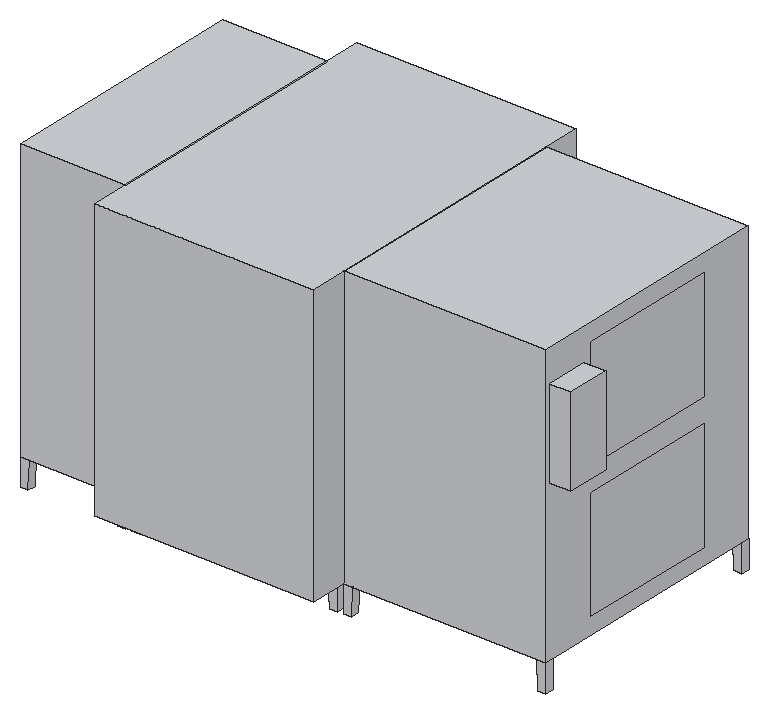
Revit family "AHU 2 _2", category Mechanické zařízení, Revit 2018
Family settings
  Kóta kulaté spojky = Použít průměr
  Typ dílu = Normální
  Číslo OmniClass = 23.75.00.00
  Nadpis OmniClass = Climate Control (HVAC)
  Založené na pracovní rovině = Ne
  Vždy vertikální = Ano
  Ořezat dutým tvarem při načtení = Ne
  Sdílené = Ne
  Bod výpočtu místnosti = Ne
Parameters (values of type "DUPLEXVENT 11000 Multi")
  Width [instance] = 2.1 mm
  Weight [instance] = 1283.00 kg
  URL = ""
  Type [instance] = "DUPLEXVENT 11000 Multi"
  Total_SFP [instance] = 0
  Supply_outlet_hum [instance] = 90
  Supply_inlet_hum [instance] = 90
  Supply_ext_pressure [instance] = 0.0 Pa
  Supply_SFP [instance] = 0
  Source_adu_file [instance] = ""
  Recuperation_type [instance] = "Plate heat recovery exchanger"
  Recuperation_efficiency_EN308 [instance] = 0
  Project_name [instance] = ""
  Project_date [instance] = "9.8.2023"
  Power_supply_fusing [instance] = "0"
  Power_supply_cable [instance] = "0"
  Position [instance] = "AHU 2 "
  Phases_count [instance] = 3
  Panel_thickness [instance] = 0.06 mm
  Outer_surface [instance] = "RAL 9002"
  Length [instance] = 3.37 mm
  Insulation_type [instance] = "PUR"
  Insulation_thickness [instance] = 0.05 mm
  Installation_environment [instance] = ""
  Input_power_max [instance] = 10800 W
  Inner_surface [instance] = "Pozink"
  I2 [instance] = I1  # 0.0 L/s
  Height [instance] = 1.795 mm
  Exhaust_outlet_hum [instance] = 40
  Exhaust_inlet_hum [instance] = 40
  Exhaust_ext_pressure [instance] = 0.0 Pa
  Exhaust_SFP [instance] = 0
  E1 [instance] = E2 - M1  # 0.0 L/s
  E2 [instance] = 0.0 L/s
  I1 [instance] = 0.0 L/s
  Description = ""
  M1 [instance] = 0.0 L/s
  Device_dutypoint_version [instance] = "0"
  Device_design_version [instance] = "9"
  Device_adu_id [instance] = "2"
  Current_max [instance] = 17.2 A
  Casing_mat [instance] = "painted zinc layer"
  Cable type [instance] = "CYKY 5Jx4"
Reference planes
  plane 1 "Střed (vpředu/vzadu)": y = 0
  plane 2 "ref": z = 0
  plane 3 "Střed (vlevo/vpravo)": x = 0
Forms (mm)
  Sweep 1, solid
    path origin (0, 0, 0) x (0, 0, 1) y (1, 0, 0)
      loop
        line (0, 0) -> (1795, 0)
    profile origin (0, 0, 0) x (1, 0, 0) y (0, 1, 0)
      loop
        line (0, 0) -> (671, 0) -> (671, 1620) -> (0, 1620) -> (0, 0)
  Sweep 2, solid
    path origin (0, 0, 0) x (0, 0, 1) y (1, 0, 0)
      loop
        line (0, 0) -> (1795, 0)
    profile origin (0, 0, 0) x (1, 0, 0) y (0, 1, 0)
      loop
        line (671, -240) -> (2074, -240) -> (2074, 1860) -> (671, 1860) -> (671, -240)
  Sweep 3, solid
    path origin (0, 0, 0) x (0, 0, 1) y (1, 0, 0)
      loop
        line (0, 0) -> (1795, 0)
    profile origin (0, 0, 0) x (1, 0, 0) y (0, 1, 0)
      loop
        line (2074, 0) -> (3367, 0) -> (3367, 1620) -> (2074, 1620) -> (2074, 0)
  Sweep 4, solid
    path origin (1, 810, 465) x (0, 1, 0) y (-1, 0, 0)
      loop
        line (0, 0) -> (0, 1)
    profile origin (1, 810, 465) x (0, -1, 0) y (0, 0, 1)
      loop
        line (-450, -355) -> (450, -355) -> (450, 355) -> (-450, 355) -> (-450, -355)
  Sweep 5, solid
    path origin (3369, 810, 1330) x (1, 0, 0) y (0, 1, 0)
      loop
        line (0, 0) -> (1, 0)
    profile origin (3369, 810, 1330) x (0, 1, 0) y (0, 0, 1)
      loop
        line (-450, 355) -> (-450, -355) -> (450, -355) -> (450, 355) -> (-450, 355)
  Sweep 6, solid
    path origin (3369, 810, 465) x (1, 0, 0) y (0, 1, 0)
      loop
        line (0, 0) -> (1, 0)
    profile origin (3369, 810, 465) x (0, 1, 0) y (0, 0, 1)
      loop
        line (-450, 355) -> (-450, -355) -> (450, -355) -> (450, 355) -> (-450, 355)
  Sweep 7, solid
    path origin (1, 810, 1330) x (0, 1, 0) y (-1, 0, 0)
      loop
        line (0, 0) -> (0, 1)
    profile origin (1, 810, 1330) x (0, -1, 0) y (0, 0, 1)
      loop
        line (-450, -355) -> (450, -355) -> (450, 355) -> (-450, 355) -> (-450, -355)
  Sweep 8, solid
    path origin (2613, 360, 0) x (0, -1, 0) y (0, 0, 1)
      loop
        line (0, 0) -> (0, -142)
    profile origin (2613, 360, 0) x (-1, 0, 0) y (0, -1, 0)
      loop
        circle (0, 0) r 8
  Sweep 9, solid
    path origin (2621, 360, -150) x (0, 0, -1) y (1, 0, 0)
      loop
        line (0, 0) -> (0, 14)
    profile origin (2621, 360, -150) x (0, 0, 1) y (0, -1, 0)
      loop
        circle (0, 0) r 8
  Sweep 10, solid
    path origin (2643, 360, -142) x (0, -1, 0) y (0, 0, 1)
      loop
        line (0, 0) -> (0, 59)
    profile origin (2643, 360, -142) x (0, 1, 0) y (-1, 0, 0)
      loop
        circle (0, 0) r 8
  Sweep 11, solid
    path origin (2651, 360, -75) x (0, 0, -1) y (1, 0, 0)
      loop
        line (0, 0) -> (0, 22)
    profile origin (2651, 360, -75) x (0, 0, 1) y (0, -1, 0)
      loop
        circle (0, 0) r 8
  Sweep 12, solid
    path origin (970, 360, 0) x (0, -1, 0) y (0, 0, 1)
      loop
        line (0, 0) -> (0, -142)
    profile origin (970, 360, 0) x (-1, 0, 0) y (0, -1, 0)
      loop
        circle (0, 0) r 8
  Sweep 13, solid
    path origin (978, 360, -150) x (0, 0, -1) y (1, 0, 0)
      loop
        line (0, 0) -> (0, 14)
    profile origin (978, 360, -150) x (0, 0, 1) y (0, -1, 0)
      loop
        circle (0, 0) r 8
  Sweep 14, solid
    path origin (1000, 360, -142) x (0, -1, 0) y (0, 0, 1)
      loop
        line (0, 0) -> (0, 59)
    profile origin (1000, 360, -142) x (0, 1, 0) y (-1, 0, 0)
      loop
        circle (0, 0) r 8
  Sweep 15, solid
    path origin (1008, 360, -75) x (0, 0, -1) y (1, 0, 0)
      loop
        line (0, 0) -> (0, 22)
    profile origin (1008, 360, -75) x (0, 0, 1) y (0, -1, 0)
      loop
        circle (0, 0) r 8
  Sweep 16, solid
    path origin (25, 50, 0) x (1, 0, 0) y (0, 1, 0)
      loop
        line (0, 0) -> (0, -50)
    profile origin (25, 50, 0) x (1, 0, 0) y (0, 0, 1)
      loop
        line (-25, 0) -> (-25, -175) -> (25, -175) -> (35, 0) -> (-25, 0)
  Sweep 17, solid
    path origin (3345, 50, 0) x (1, 0, 0) y (0, 1, 0)
      loop
        line (0, 0) -> (0, -50)
    profile origin (3345, 50, 0) x (1, 0, 0) y (0, 0, 1)
      loop
        line (-35, 0) -> (-25, -175) -> (25, -175) -> (25, 0) -> (-35, 0)
  Sweep 18, solid
    path origin (25, 1620, 0) x (1, 0, 0) y (0, 1, 0)
      loop
        line (0, 0) -> (0, -50)
    profile origin (25, 1620, 0) x (1, 0, 0) y (0, 0, 1)
      loop
        line (-25, 0) -> (-25, -175) -> (25, -175) -> (35, 0) -> (-25, 0)
  Sweep 19, solid
    path origin (3345, 1620, 0) x (1, 0, 0) y (0, 1, 0)
      loop
        line (0, 0) -> (0, -50)
    profile origin (3345, 1620, 0) x (1, 0, 0) y (0, 0, 1)
      loop
        line (-35, 0) -> (-25, -175) -> (25, -175) -> (25, 0) -> (-35, 0)
  Sweep 20, solid
    path origin (650, 50, 0) x (1, 0, 0) y (0, 1, 0)
      loop
        line (0, 0) -> (0, -50)
    profile origin (650, 50, 0) x (1, 0, 0) y (0, 0, 1)
      loop
        line (-35, 0) -> (-25, -175) -> (25, -175) -> (25, 0) -> (-35, 0)
  Sweep 21, solid
    path origin (650, 1620, 0) x (1, 0, 0) y (0, 1, 0)
      loop
        line (0, 0) -> (0, -50)
    profile origin (650, 1620, 0) x (1, 0, 0) y (0, 0, 1)
      loop
        line (-35, 0) -> (-25, -175) -> (25, -175) -> (25, 0) -> (-35, 0)
  Sweep 22, solid
    path origin (739, 50, 0) x (1, 0, 0) y (0, 1, 0)
      loop
        line (0, 0) -> (0, -50)
    profile origin (739, 50, 0) x (1, 0, 0) y (0, 0, 1)
      loop
        line (-25, 0) -> (-25, -175) -> (25, -175) -> (35, 0) -> (-25, 0)
  Sweep 23, solid
    path origin (739, 1620, 0) x (1, 0, 0) y (0, 1, 0)
      loop
        line (0, 0) -> (0, -50)
    profile origin (739, 1620, 0) x (1, 0, 0) y (0, 0, 1)
      loop
        line (-25, 0) -> (-25, -175) -> (25, -175) -> (35, 0) -> (-25, 0)
  Sweep 24, solid
    path origin (2009, 50, 0) x (1, 0, 0) y (0, 1, 0)
      loop
        line (0, 0) -> (0, -50)
    profile origin (2009, 50, 0) x (1, 0, 0) y (0, 0, 1)
      loop
        line (-35, 0) -> (-25, -175) -> (25, -175) -> (25, 0) -> (-35, 0)
  Sweep 25, solid
    path origin (2009, 1620, 0) x (1, 0, 0) y (0, 1, 0)
      loop
        line (0, 0) -> (0, -50)
    profile origin (2009, 1620, 0) x (1, 0, 0) y (0, 0, 1)
      loop
        line (-35, 0) -> (-25, -175) -> (25, -175) -> (25, 0) -> (-35, 0)
  Sweep 26, solid
    path origin (2098, 50, 0) x (1, 0, 0) y (0, 1, 0)
      loop
        line (0, 0) -> (0, -50)
    profile origin (2098, 50, 0) x (1, 0, 0) y (0, 0, 1)
      loop
        line (-25, 0) -> (-25, -175) -> (25, -175) -> (35, 0) -> (-25, 0)
  Sweep 27, solid
    path origin (2098, 1620, 0) x (1, 0, 0) y (0, 1, 0)
      loop
        line (0, 0) -> (0, -50)
    profile origin (2098, 1620, 0) x (1, 0, 0) y (0, 0, 1)
      loop
        line (-25, 0) -> (-25, -175) -> (25, -175) -> (35, 0) -> (-25, 0)
  Sweep 28, solid
    path origin (0, 0, 1024) x (0, 0, 1) y (1, 0, 0)
      loop
        line (0, 0) -> (570, 0)
    profile origin (0, 0, 1024) x (1, 0, 0) y (0, 1, 0)
      loop
        line (3370, 25) -> (3510, 25) -> (3510, 300) -> (3370, 300) -> (3370, 25)
  Sweep 29, solid
    path origin (3440, 163, 1024) x (0, -1, 0) y (0, 0, 1)
      loop
        line (0, 0) -> (0, -1)
    profile origin (3440, 163, 1024) x (-1, 0, 0) y (0, -1, 0)
      loop
        circle (0, 0) r 10
Lines and regions (mm)
  model lines, style "Symbol"
    curve 1: line (1382, -240, 0) -> (1382, -240, 359)
    curve 2: line (1382, -240, 1795) -> (1382, -240, 1436)
    curve 3: line (0, 0, 897) -> (671, 0, 897)
    curve 4: line (671, -240, 897) -> (843, -240, 897)
    curve 5: line (2074, -240, 897) -> (1920, -240, 897)
    curve 6: line (2074, 0, 897) -> (3370, 0, 897)
    curve 7: line (843, -240, 897) -> (1112, -240, 1436)
    curve 8: line (1112, -240, 1436) -> (1651, -240, 1436)
    curve 9: line (1651, -240, 1436) -> (1920, -240, 897)
    curve 10: line (1920, -240, 897) -> (1651, -240, 359)
    curve 11: line (1651, -240, 359) -> (1382, -240, 359)
    curve 12: line (1382, -240, 359) -> (1112, -240, 359)
    curve 13: line (1112, -240, 359) -> (843, -240, 897)
    curve 14: line (2975, 0, 1474) -> (3262, 0, 1425)
    curve 15: line (2975, 0, 1218) -> (3262, 0, 1267)
    curve 16: line (395, 0, 1218) -> (108, 0, 1267)
    curve 17: line (395, 0, 1474) -> (108, 0, 1425)
    curve 18: line (67, 0, 179) -> (67, 0, 718)
    curve 19: line (67, 0, 718) -> (270, 0, 718)
    curve 20: line (270, 0, 718) -> (270, 0, 179)
    curve 21: line (270, 0, 179) -> (67, 0, 179)
    curve 22: line (169, 0, 179) -> (270, 0, 449)
    curve 23: line (169, 0, 718) -> (270, 0, 449)
    curve 24: line (3303, 0, 718) -> (3303, 0, 179)
    curve 25: line (3303, 0, 179) -> (3100, 0, 179)
    curve 26: line (3100, 0, 179) -> (3100, 0, 718)
    curve 27: line (3100, 0, 718) -> (3303, 0, 718)
    curve 28: line (3201, 0, 718) -> (3100, 0, 449)
    curve 29: line (3201, 0, 179) -> (3100, 0, 449)
    curve 30: line (1015, -240, 314) -> (771, -240, 794)
    curve 31: line (771, -240, 794) -> (851, -240, 835)
    curve 32: line (851, -240, 835) -> (1095, -240, 355)
    curve 33: line (1095, -240, 355) -> (1015, -240, 314)
    curve 34: line (868, -240, 622) -> (900, -240, 719)
    curve 35: line (966, -240, 430) -> (998, -240, 527)
    curve 36: line (0, -1600, 0) -> (0, -240, 0)
    curve 37: line (3370, -1600, 0) -> (3370, -240, 0)
    curve 38: line (0, -1600, 0) -> (3370, -1600, 0)
    curve 39: line (0, -1600, 1795) -> (0, -240, 1795)
    curve 40: line (3370, -1600, 1795) -> (3370, -240, 1795)
    curve 41: line (0, -1600, 1795) -> (3370, -1600, 1795)
    curve 42: line (0, -1600, 0) -> (0, -1600, 1795)
    curve 43: line (3370, -1600, 0) -> (3370, -1600, 1795)
    curve 44: line (0, -1600, 1595) -> (200, -1600, 1795)
    curve 45: line (0, -1600, 1395) -> (400, -1600, 1795)
    curve 46: line (0, -1600, 1195) -> (600, -1600, 1795)
    curve 47: line (0, -1600, 995) -> (800, -1600, 1795)
    curve 48: line (0, -1600, 795) -> (1000, -1600, 1795)
    curve 49: line (0, -1600, 595) -> (1200, -1600, 1795)
    curve 50: line (0, -1600, 395) -> (1400, -1600, 1795)
    curve 51: line (0, -1600, 195) -> (1600, -1600, 1795)
    curve 52: line (5, -1600, 0) -> (1800, -1600, 1795)
    curve 53: line (205, -1600, 0) -> (2000, -1600, 1795)
    curve 54: line (405, -1600, 0) -> (2200, -1600, 1795)
    curve 55: line (605, -1600, 0) -> (2400, -1600, 1795)
    curve 56: line (805, -1600, 0) -> (2600, -1600, 1795)
    curve 57: line (1005, -1600, 0) -> (2800, -1600, 1795)
    curve 58: line (1205, -1600, 0) -> (3000, -1600, 1795)
    curve 59: line (1405, -1600, 0) -> (3200, -1600, 1795)
    curve 60: line (1605, -1600, 0) -> (3370, -1600, 1765)
    curve 61: line (1805, -1600, 0) -> (3370, -1600, 1565)
    curve 62: line (2005, -1600, 0) -> (3370, -1600, 1365)
    curve 63: line (2205, -1600, 0) -> (3370, -1600, 1165)
    curve 64: line (2405, -1600, 0) -> (3370, -1600, 965)
    curve 65: line (2605, -1600, 0) -> (3370, -1600, 765)
    curve 66: line (2805, -1600, 0) -> (3370, -1600, 565)
    curve 67: line (3005, -1600, 0) -> (3370, -1600, 365)
    curve 68: line (3205, -1600, 0) -> (3370, -1600, 165)
    curve 69: line (3370, -1600, 1595) -> (3370, -1400, 1795)
    curve 70: line (3370, -1600, 1395) -> (3370, -1200, 1795)
    curve 71: line (3370, -1600, 1195) -> (3370, -1000, 1795)
    curve 72: line (3370, -1600, 995) -> (3370, -800, 1795)
    curve 73: line (3370, -1600, 795) -> (3370, -600, 1795)
    curve 74: line (3370, -1600, 595) -> (3370, -400, 1795)
    curve 75: line (3370, -1600, 395) -> (3370, -240, 1755)
    curve 76: line (3370, -1600, 195) -> (3370, -240, 1555)
    curve 77: line (3370, -1595, 0) -> (3370, -240, 1355)
    curve 78: line (3370, -1395, 0) -> (3370, -240, 1155)
    curve 79: line (3370, -1195, 0) -> (3370, -240, 955)
    curve 80: line (3370, -995, 0) -> (3370, -240, 755)
    curve 81: line (3370, -795, 0) -> (3370, -240, 555)
    curve 82: line (3370, -595, 0) -> (3370, -240, 355)
    curve 83: line (3370, -395, 0) -> (3370, -240, 155)
    curve 84: line (0, -1400, 1795) -> (200, -1600, 1795)
    curve 85: line (0, -1200, 1795) -> (400, -1600, 1795)
    curve 86: line (0, -1000, 1795) -> (600, -1600, 1795)
    curve 87: line (0, -800, 1795) -> (800, -1600, 1795)
    curve 88: line (0, -600, 1795) -> (1000, -1600, 1795)
    curve 89: line (0, -400, 1795) -> (1200, -1600, 1795)
    curve 90: line (40, -240, 1795) -> (1400, -1600, 1795)
    curve 91: line (240, -240, 1795) -> (1600, -1600, 1795)
    curve 92: line (440, -240, 1795) -> (1800, -1600, 1795)
    curve 93: line (640, -240, 1795) -> (2000, -1600, 1795)
    curve 94: line (840, -240, 1795) -> (2200, -1600, 1795)
    curve 95: line (1040, -240, 1795) -> (2400, -1600, 1795)
    curve 96: line (1240, -240, 1795) -> (2600, -1600, 1795)
    curve 97: line (1440, -240, 1795) -> (2800, -1600, 1795)
    curve 98: line (1640, -240, 1795) -> (3000, -1600, 1795)
    curve 99: line (1840, -240, 1795) -> (3200, -1600, 1795)
    curve 100: line (2040, -240, 1795) -> (3370, -1570, 1795)
    curve 101: line (2240, -240, 1795) -> (3370, -1370, 1795)
    curve 102: line (2440, -240, 1795) -> (3370, -1170, 1795)
    curve 103: line (2640, -240, 1795) -> (3370, -970, 1795)
    curve 104: line (2840, -240, 1795) -> (3370, -770, 1795)
    curve 105: line (3040, -240, 1795) -> (3370, -570, 1795)
    curve 106: line (3240, -240, 1795) -> (3370, -370, 1795)
    curve 107: line (4090, 0, 0) -> (3370, 0, 0)
    curve 108: line (4090, 1620, 0) -> (3370, 1620, 0)
    curve 109: line (4090, 0, 0) -> (4090, 1620, 0)
    curve 110: line (4090, 0, 1795) -> (3370, 0, 1795)
    curve 111: line (4090, 1620, 1795) -> (3370, 1620, 1795)
    curve 112: line (4090, 0, 1795) -> (4090, 1620, 1795)
    curve 113: line (4090, 0, 0) -> (4090, 0, 1795)
    curve 114: line (4090, 1620, 0) -> (4090, 1620, 1795)
    curve 115: line (4090, 0, 1595) -> (4090, 200, 1795)
    curve 116: line (4090, 0, 1395) -> (4090, 400, 1795)
    curve 117: line (4090, 0, 1195) -> (4090, 600, 1795)
    curve 118: line (4090, 0, 995) -> (4090, 800, 1795)
    curve 119: line (4090, 0, 795) -> (4090, 1000, 1795)
    curve 120: line (4090, 0, 595) -> (4090, 1200, 1795)
    curve 121: line (4090, 0, 395) -> (4090, 1400, 1795)
    curve 122: line (4090, 0, 195) -> (4090, 1600, 1795)
    curve 123: line (4090, 5, 0) -> (4090, 1620, 1615)
    curve 124: line (4090, 205, 0) -> (4090, 1620, 1415)
    curve 125: line (4090, 405, 0) -> (4090, 1620, 1215)
    curve 126: line (4090, 605, 0) -> (4090, 1620, 1015)
    curve 127: line (4090, 805, 0) -> (4090, 1620, 815)
    curve 128: line (4090, 1005, 0) -> (4090, 1620, 615)
    curve 129: line (4090, 1205, 0) -> (4090, 1620, 415)
    curve 130: line (4090, 1405, 0) -> (4090, 1620, 215)
    curve 131: line (4090, 1605, 0) -> (4090, 1620, 15)
    curve 132: line (4090, 1620, 1595) -> (3890, 1620, 1795)
    curve 133: line (4090, 1620, 1395) -> (3690, 1620, 1795)
    curve 134: line (4090, 1620, 1195) -> (3490, 1620, 1795)
    curve 135: line (4090, 1620, 995) -> (3370, 1620, 1715)
    curve 136: line (4090, 1620, 795) -> (3370, 1620, 1515)
    curve 137: line (4090, 1620, 595) -> (3370, 1620, 1315)
    curve 138: line (4090, 1620, 395) -> (3370, 1620, 1115)
    curve 139: line (4090, 1620, 195) -> (3370, 1620, 915)
    curve 140: line (4085, 1620, 0) -> (3370, 1620, 715)
    curve 141: line (3885, 1620, 0) -> (3370, 1620, 515)
    curve 142: line (3685, 1620, 0) -> (3370, 1620, 315)
    curve 143: line (3485, 1620, 0) -> (3370, 1620, 115)
    curve 144: line (3890, 0, 1795) -> (4090, 200, 1795)
    curve 145: line (3690, 0, 1795) -> (4090, 400, 1795)
    curve 146: line (3490, 0, 1795) -> (4090, 600, 1795)
    curve 147: line (3370, 80, 1795) -> (4090, 800, 1795)
    curve 148: line (3370, 280, 1795) -> (4090, 1000, 1795)
    curve 149: line (3370, 480, 1795) -> (4090, 1200, 1795)
    curve 150: line (3370, 680, 1795) -> (4090, 1400, 1795)
    curve 151: line (3370, 880, 1795) -> (4090, 1600, 1795)
    curve 152: line (3370, 1080, 1795) -> (3910, 1620, 1795)
    curve 153: line (3370, 1280, 1795) -> (3710, 1620, 1795)
    curve 154: line (3370, 1480, 1795) -> (3510, 1620, 1795)
    curve 155: line (0, 1620, -200) -> (0, 1620, 0)
    curve 156: line (3370, 1620, -200) -> (3370, 1620, 0)
    curve 157: line (0, 1620, -200) -> (3370, 1620, -200)
    curve 158: line (0, 0, -200) -> (0, 0, 0)
    curve 159: line (3370, 0, -200) -> (3370, 0, 0)
    curve 160: line (0, 0, -200) -> (3370, 0, -200)
    curve 161: line (0, 1620, -200) -> (0, 0, -200)
    curve 162: line (3370, 1620, -200) -> (3370, 0, -200)
    curve 163: line (0, 200, -200) -> (200, 0, -200)
    curve 164: line (0, 400, -200) -> (400, 0, -200)
    curve 165: line (0, 600, -200) -> (600, 0, -200)
    curve 166: line (0, 800, -200) -> (800, 0, -200)
    curve 167: line (0, 1000, -200) -> (1000, 0, -200)
    curve 168: line (0, 1200, -200) -> (1200, 0, -200)
    curve 169: line (0, 1400, -200) -> (1400, 0, -200)
    curve 170: line (0, 1600, -200) -> (1600, 0, -200)
    curve 171: line (180, 1620, -200) -> (1800, 0, -200)
    curve 172: line (380, 1620, -200) -> (2000, 0, -200)
    curve 173: line (580, 1620, -200) -> (2200, 0, -200)
    curve 174: line (780, 1620, -200) -> (2400, 0, -200)
    curve 175: line (980, 1620, -200) -> (2600, 0, -200)
    curve 176: line (1180, 1620, -200) -> (2800, 0, -200)
    curve 177: line (1380, 1620, -200) -> (3000, 0, -200)
    curve 178: line (1580, 1620, -200) -> (3200, 0, -200)
    curve 179: line (1780, 1620, -200) -> (3370, 30, -200)
    curve 180: line (1980, 1620, -200) -> (3370, 230, -200)
    curve 181: line (2180, 1620, -200) -> (3370, 430, -200)
    curve 182: line (2380, 1620, -200) -> (3370, 630, -200)
    curve 183: line (2580, 1620, -200) -> (3370, 830, -200)
    curve 184: line (2780, 1620, -200) -> (3370, 1030, -200)
    curve 185: line (2980, 1620, -200) -> (3370, 1230, -200)
    curve 186: line (3180, 1620, -200) -> (3370, 1430, -200)
    curve 187: line (3370, 200, -200) -> (3370, 0, 0)
    curve 188: line (3370, 400, -200) -> (3370, 200, 0)
    curve 189: line (3370, 600, -200) -> (3370, 400, 0)
    curve 190: line (3370, 800, -200) -> (3370, 600, 0)
    curve 191: line (3370, 1000, -200) -> (3370, 800, 0)
    curve 192: line (3370, 1200, -200) -> (3370, 1000, 0)
    curve 193: line (3370, 1400, -200) -> (3370, 1200, 0)
    curve 194: line (3370, 1600, -200) -> (3370, 1400, 0)
    curve 195: line (3370, 1620, -20) -> (3370, 1600, 0)
    curve 196: line (0, 0, 0) -> (200, 0, -200)
    curve 197: line (200, 0, 0) -> (400, 0, -200)
    curve 198: line (400, 0, 0) -> (600, 0, -200)
    curve 199: line (600, 0, 0) -> (800, 0, -200)
    curve 200: line (800, 0, 0) -> (1000, 0, -200)
    curve 201: line (1000, 0, 0) -> (1200, 0, -200)
    curve 202: line (1200, 0, 0) -> (1400, 0, -200)
    curve 203: line (1400, 0, 0) -> (1600, 0, -200)
    curve 204: line (1600, 0, 0) -> (1800, 0, -200)
    curve 205: line (1800, 0, 0) -> (2000, 0, -200)
    curve 206: line (2000, 0, 0) -> (2200, 0, -200)
    curve 207: line (2200, 0, 0) -> (2400, 0, -200)
    curve 208: line (2400, 0, 0) -> (2600, 0, -200)
    curve 209: line (2600, 0, 0) -> (2800, 0, -200)
    curve 210: line (2800, 0, 0) -> (3000, 0, -200)
    curve 211: line (3000, 0, 0) -> (3200, 0, -200)
    curve 212: line (3200, 0, 0) -> (3370, 0, -170)
    curve 213: line (0, 0, 2395) -> (0, 0, 1795)
    curve 214: line (3370, 0, 2395) -> (3370, 0, 1795)
    curve 215: line (0, 0, 2395) -> (3370, 0, 2395)
    curve 216: line (0, 1620, 2395) -> (0, 1620, 1795)
    curve 217: line (3370, 1620, 2395) -> (3370, 1620, 1795)
    curve 218: line (0, 1620, 2395) -> (3370, 1620, 2395)
    curve 219: line (0, 0, 2395) -> (0, 1620, 2395)
    curve 220: line (3370, 0, 2395) -> (3370, 1620, 2395)
    curve 221: line (0, 1420, 2395) -> (200, 1620, 2395)
    curve 222: line (0, 1220, 2395) -> (400, 1620, 2395)
    curve 223: line (0, 1020, 2395) -> (600, 1620, 2395)
    curve 224: line (0, 820, 2395) -> (800, 1620, 2395)
    curve 225: line (0, 620, 2395) -> (1000, 1620, 2395)
    curve 226: line (0, 420, 2395) -> (1200, 1620, 2395)
    curve 227: line (0, 220, 2395) -> (1400, 1620, 2395)
    curve 228: line (0, 20, 2395) -> (1600, 1620, 2395)
    curve 229: line (180, 0, 2395) -> (1800, 1620, 2395)
    curve 230: line (380, 0, 2395) -> (2000, 1620, 2395)
    curve 231: line (580, 0, 2395) -> (2200, 1620, 2395)
    curve 232: line (780, 0, 2395) -> (2400, 1620, 2395)
    curve 233: line (980, 0, 2395) -> (2600, 1620, 2395)
    curve 234: line (1180, 0, 2395) -> (2800, 1620, 2395)
    curve 235: line (1380, 0, 2395) -> (3000, 1620, 2395)
    curve 236: line (1580, 0, 2395) -> (3200, 1620, 2395)
    curve 237: line (1780, 0, 2395) -> (3370, 1590, 2395)
    curve 238: line (1980, 0, 2395) -> (3370, 1390, 2395)
    curve 239: line (2180, 0, 2395) -> (3370, 1190, 2395)
    curve 240: line (2380, 0, 2395) -> (3370, 990, 2395)
    curve 241: line (2580, 0, 2395) -> (3370, 790, 2395)
    curve 242: line (2780, 0, 2395) -> (3370, 590, 2395)
    curve 243: line (2980, 0, 2395) -> (3370, 390, 2395)
    curve 244: line (3180, 0, 2395) -> (3370, 190, 2395)
    curve 245: line (3370, 1420, 2395) -> (3370, 1620, 2195)
    curve 246: line (3370, 1220, 2395) -> (3370, 1620, 1995)
    curve 247: line (3370, 1020, 2395) -> (3370, 1620, 1795)
    curve 248: line (3370, 820, 2395) -> (3370, 1420, 1795)
    curve 249: line (3370, 620, 2395) -> (3370, 1220, 1795)
    curve 250: line (3370, 420, 2395) -> (3370, 1020, 1795)
    curve 251: line (3370, 220, 2395) -> (3370, 820, 1795)
    curve 252: line (3370, 20, 2395) -> (3370, 620, 1795)
    curve 253: line (3370, 0, 2215) -> (3370, 420, 1795)
    curve 254: line (3370, 0, 2015) -> (3370, 220, 1795)
    curve 255: line (3370, 0, 1815) -> (3370, 20, 1795)
    curve 256: line (0, 1620, 2195) -> (200, 1620, 2395)
    curve 257: line (0, 1620, 1995) -> (400, 1620, 2395)
    curve 258: line (0, 1620, 1795) -> (600, 1620, 2395)
    curve 259: line (200, 1620, 1795) -> (800, 1620, 2395)
    curve 260: line (400, 1620, 1795) -> (1000, 1620, 2395)
    curve 261: line (600, 1620, 1795) -> (1200, 1620, 2395)
    curve 262: line (800, 1620, 1795) -> (1400, 1620, 2395)
    curve 263: line (1000, 1620, 1795) -> (1600, 1620, 2395)
    curve 264: line (1200, 1620, 1795) -> (1800, 1620, 2395)
    curve 265: line (1400, 1620, 1795) -> (2000, 1620, 2395)
    curve 266: line (1600, 1620, 1795) -> (2200, 1620, 2395)
    curve 267: line (1800, 1620, 1795) -> (2400, 1620, 2395)
    curve 268: line (2000, 1620, 1795) -> (2600, 1620, 2395)
    curve 269: line (2200, 1620, 1795) -> (2800, 1620, 2395)
    curve 270: line (2400, 1620, 1795) -> (3000, 1620, 2395)
    curve 271: line (2600, 1620, 1795) -> (3200, 1620, 2395)
    curve 272: line (2800, 1620, 1795) -> (3370, 1620, 2365)
    curve 273: line (3000, 1620, 1795) -> (3370, 1620, 2165)
    curve 274: line (3200, 1620, 1795) -> (3370, 1620, 1965)
    curve 275: circle (3101, 0, 1346) r 179 normal (0, -1, 0)
    curve 276: circle (269, 0, 1346) r 179 normal (0, -1, 0)
    curve 277: circle (884, -240, 670) r 13 normal (0, -1, 0)
    curve 278: circle (982, -240, 478) r 13 normal (0, -1, 0)
    curve 279: circle (2613, 360, 0) r 8 normal (0, 0, -1)
    curve 280: circle (2613, 360, -142) r 8 normal (0, 0, -1)
    curve 281: circle (970, 360, 0) r 8 normal (0, 0, -1)
    curve 282: circle (970, 360, -142) r 8 normal (0, 0, -1)
Dimensions and locks
  aligned and locked: level to plane 2 "ref"
Connectors
  hvac at (0, 810, 465), driven by "E1"
    settings: on Sweep 4, index 1, duct flow 0.0 L/s, flow factor 0, pres drop 0.0 Pa, loss coef 0, conn angle 0.00°, conn width 900 mm, conn height 710 mm, conn diameter 609.6 mm, duct sys type 1, conn prof type 1, flow config 1, flow direction 1, loss method 0, conn ref index -1, conn util no, is conn primary yes, conn desc ""
  hvac at (3370, 810, 1330), driven by "E2"
    settings: on Sweep 5, index 2, duct flow 0.0 L/s, flow factor 1, pres drop 0.0 Pa, loss coef 0, conn angle 0.00°, conn width 900 mm, conn height 710 mm, conn diameter 609.6 mm, duct sys type 1, conn prof type 1, flow config 2, flow direction 2, loss method 0, conn ref index -1, conn util no, is conn primary no, conn desc ""
  hvac at (3370, 810, 465), driven by "I1"
    settings: on Sweep 6, index 3, duct flow 0.0 L/s, flow factor 1, pres drop 0.0 Pa, loss coef 0, conn angle 0.00°, conn width 900 mm, conn height 710 mm, conn diameter 609.6 mm, duct sys type 3, conn prof type 1, flow config 2, flow direction 1, loss method 0, conn ref index -1, conn util no, is conn primary no, conn desc ""
  hvac at (0, 810, 1330), driven by "I2"
    settings: on Sweep 7, index 4, duct flow 0.0 L/s, flow factor 0, pres drop 0.0 Pa, loss coef 0, conn angle 0.00°, conn width 900 mm, conn height 710 mm, conn diameter 609.6 mm, duct sys type 3, conn prof type 1, flow config 1, flow direction 2, loss method 0, conn ref index -1, conn util no, is conn primary no, conn desc ""
  piping at (2673, 360, -75), diameter 40
    settings: on Sweep 11, index 5, connector inside diameter 609.6 mm, connector length 0 mm, flow factor 0, pipe flow 0.0 L/s, pressure drop 0.0 Pa, fitting loss kfactor 0, connector angle 0.00°, fixture units 0, engagement length 0 mm, angle of deflection 0.00°, flow configuration 1, flow direction 2, fitting loss method 0, system type 16, joint type 0, gender type 0, connector reference index -1, connector utility 0, adjustable connector no, is connector primary yes, connector description ""
  piping at (1030, 360, -75), diameter 40
    settings: on Sweep 15, index 6, connector inside diameter 609.6 mm, connector length 0 mm, flow factor 0, pipe flow 0.0 L/s, pressure drop 0.0 Pa, fitting loss kfactor 0, connector angle 0.00°, fixture units 0, engagement length 0 mm, angle of deflection 0.00°, flow configuration 1, flow direction 2, fitting loss method 0, system type 16, joint type 0, gender type 0, connector reference index -1, connector utility 0, adjustable connector no, is connector primary no, connector description ""
  electrical at (3440, 163, 1023)
    settings: on Sweep 29, index 7, voltage 400 V, apparent load 0 VA, apparent load phase1 0 VA, apparent load phase2 0 VA, apparent load phase3 0 VA, power factor 1, load classification "Další", number of poles 3, system type 31, power factor state 1, is connector primary yes, connector utility no, sub classification motor no, connector description ""
